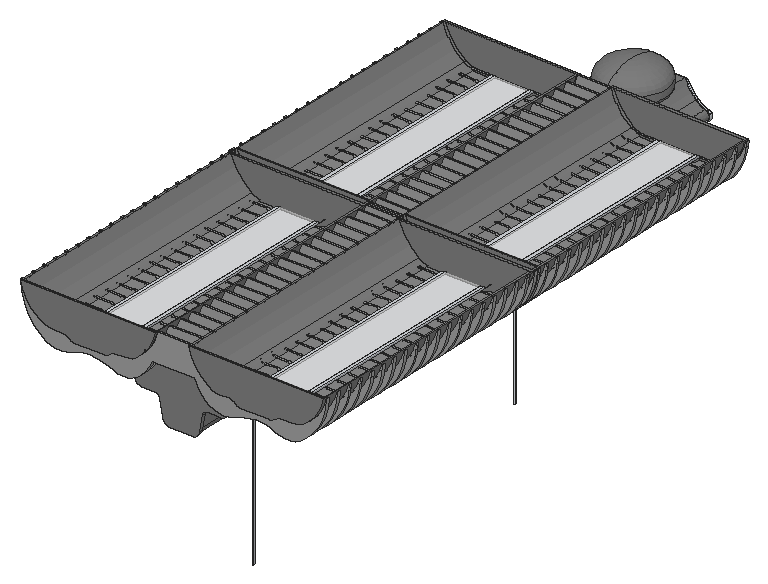
Revit family "0039274 Feilo Sylvania Lighting Fixtures SYLBAY LED 4000K 26KLM WIDE 1-10V PIR", category Lighting Fixtures, host Face, Revit 2017 (continued)
Definition of nested family "SylbayBody"
  Definition of nested family "SlybayRib"
    Forms (mm)
      Extrusion 2, solid, material <- "BodyMaterial"
        sketch origin (0, 0, 0) x (1, 0, 0) y (0, 0, 1)
          loop
            arc (-125.169, -58.599) -> (-113.533, -54.576) -> (-101.25, -53.728) r 46.777
            arc (-101.25, -53.728) -> (-87.202, -55.765) -> (-73.664, -60.037) r 87.865
            arc (-73.664, -60.037) -> (-55.541, -61.903) -> (-39.258, -53.728) r 32.519
            arc (-39.258, -53.728) -> (-31.199, -44.469) -> (-25.254, -33.728) r 58.361
            line (-25.254, -33.728) -> (25.254, -33.728)
            arc (25.254, -33.728) -> (31.199, -44.469) -> (39.258, -53.728) r 58.361
            arc (39.258, -53.728) -> (55.541, -61.903) -> (73.664, -60.037) r 32.519
            arc (73.664, -60.037) -> (87.202, -55.765) -> (101.25, -53.728) r 87.865
            arc (101.25, -53.728) -> (113.533, -54.576) -> (125.169, -58.599) r 46.777
            arc (125.169, -58.599) -> (143.258, -61.567) -> (159.829, -53.728) r 30.791
            arc (159.829, -53.728) -> (180.003, -30.129) -> (187.5, 0) r 67.598
            line (187.5, 0) -> (185.5, 0)
            arc (185.5, 0) -> (176.046, -19.314) -> (160.088, -33.728) r 56.788
            arc (160.088, -33.728) -> (153.193, -36.71) -> (145.75, -37.728) r 27.697
            line (145.75, -37.728) -> (132.583, -37.728)
            arc (132.583, -37.728) -> (129.421, -38.242) -> (126.583, -39.728) r 10
            line (126.583, -39.728) -> (123.917, -41.728)
            arc (123.917, -41.728) -> (121.079, -43.215) -> (117.917, -43.728) r 10
            line (117.917, -43.728) -> (84.583, -43.728)
            arc (84.583, -43.728) -> (81.421, -43.215) -> (78.583, -41.728) r 10
            line (78.583, -41.728) -> (75.917, -39.728)
            arc (75.917, -39.728) -> (73.079, -38.242) -> (69.917, -37.728) r 10
            line (69.917, -37.728) -> (58.25, -37.728)
            arc (58.25, -37.728) -> (51.55, -36.705) -> (45.461, -33.728) r 22.443
            arc (45.461, -33.728) -> (30.027, -18.905) -> (20, 0) r 67.602
            line (20, 0) -> (-20, 0)
            arc (-20, 0) -> (-30.027, -18.905) -> (-45.461, -33.728) r 67.602
            arc (-45.461, -33.728) -> (-51.55, -36.705) -> (-58.25, -37.728) r 22.443
            line (-58.25, -37.728) -> (-69.917, -37.728)
            arc (-69.917, -37.728) -> (-73.079, -38.242) -> (-75.917, -39.728) r 10
            line (-75.917, -39.728) -> (-78.583, -41.728)
            arc (-78.583, -41.728) -> (-81.421, -43.215) -> (-84.583, -43.728) r 10
            line (-84.583, -43.728) -> (-117.917, -43.728)
            arc (-117.917, -43.728) -> (-121.079, -43.215) -> (-123.917, -41.728) r 10
            line (-123.917, -41.728) -> (-126.583, -39.728)
            arc (-126.583, -39.728) -> (-129.421, -38.242) -> (-132.583, -37.728) r 10
            line (-132.583, -37.728) -> (-145.75, -37.728)
            arc (-145.75, -37.728) -> (-153.193, -36.71) -> (-160.088, -33.728) r 27.697
            arc (-160.088, -33.728) -> (-176.046, -19.314) -> (-185.5, 0) r 56.788
            line (-185.5, 0) -> (-187.5, 0)
        from 1.25 <- "RibExtrusionStart_FEILO" to -1.25 <- "RibExtrusionEnd_FEILO"
    Dimensions and locks
      equal spacing: plane 5, plane 3 "Center (Left/Right)", plane 4
      locked: plane 5 to plane 4 at 375
      locked: plane 6 to plane 7 at 62.478
      locked: plane 6 to plane 8 at 53.728
      equal spacing: plane 10, plane 3 "Center (Left/Right)", plane 9
      plane 3 "Center (Left/Right)" to plane 9 = 102.75 mm
      locked: plane 6 to plane 11 at 33.728
      equal spacing: plane 13, plane 9, plane 12
      locked: plane 14 to plane 8 at 10
      equal spacing: plane 16, plane 9, plane 15
      locked: plane 9 to plane 15 at 20
      locked: plane 17 to plane 14 at 6
      equal spacing: plane 19, plane 9, plane 18
      locked: plane 15 to plane 18 at 8
      equal spacing: plane 21, plane 9, plane 20
      locked: plane 18 to plane 20 at 15
      locked: plane 13 to plane 22 at 5.3
      locked: plane 3 "Center (Left/Right)" to Extrusion 2 sketch curve at 83.982  (x2)
      locked: plane 3 "Center (Left/Right)" to Extrusion 2 sketch curve at 79.005  (x2)
      locked: plane 3 "Center (Left/Right)" to Extrusion 2 sketch curve at 119.907  (x2)
      locked: plane 3 "Center (Left/Right)" to Extrusion 2 sketch curve at 61.405  (x2)
      locked: plane 3 "Center (Left/Right)" to Extrusion 2 sketch curve at 138.973  (x2)
      locked: plane 3 "Center (Left/Right)" to Extrusion 2 sketch curve at 84.583  (x2)
      locked: plane 3 "Center (Left/Right)" to Extrusion 2 sketch curve at 117.917  (x2)
      locked: plane 3 "Center (Left/Right)" to Extrusion 2 sketch curve at 132.583  (x2)
      locked: plane 3 "Center (Left/Right)" to Extrusion 2 sketch curve at 69.917  (x2)
      locked: Extrusion 2 sketch curve to plane 6 at 21.825  (x2)
      locked: Extrusion 2 sketch curve to plane 6 at 0.822  (x2)
      locked: plane 6 to Extrusion 2 sketch curve at 10.994  (x2)
      locked: plane 6 to Extrusion 2 sketch curve at 15.285  (x2)
      locked: plane 6 to Extrusion 2 sketch curve at 31.076  (x2)
      locked: plane 6 to Extrusion 2 sketch curve at 33.728  (x4)
      locked: plane 6 to Extrusion 2 sketch curve at 29.917  (x2)
      locked: plane 6 to Extrusion 2 sketch curve at 47.728  (x4)
      locked: plane 6 to Extrusion 2 sketch curve at 100.413  (x2)
      locked: plane 6 to Extrusion 2 sketch curve at 141.419  (x2)
      locked: plane 3 "Center (Left/Right)" to Extrusion 2 sketch curve at 106.788  (x2)
      locked: plane 3 "Center (Left/Right)" to Extrusion 2 sketch curve at 104.198  (x2)
      locked: plane 3 "Center (Left/Right)" to Extrusion 2 sketch curve at 130.69  (x2)
      locked: Extrusion 2 sketch curve to plane 6 at 14.858  (x2)
      locked: plane 6 to Extrusion 2 sketch curve at 10.032  (x2)
      locked: plane 3 "Center (Left/Right)" to Extrusion 2 sketch curve at 145.75  (x2)
      aligned and locked: plane 2 to Extrusion 1
      aligned and locked: level to Extrusion 1
      aligned and locked: plane 6 to Extrusion 2 sketch curve
      aligned and locked: plane 4 to Extrusion 2 sketch curve
      aligned and locked: plane 17 to Extrusion 2 sketch curve
      aligned and locked: plane 14 to Extrusion 2 sketch curve
      aligned and locked: Extrusion 2 sketch curve to plane 17
      aligned and locked: plane 8 to Extrusion 2 sketch curve  (x3)
      aligned and locked: plane 2 to plane 6
      aligned and locked: plane 20 to Extrusion 2 sketch curve
      aligned and locked: plane 11 to Extrusion 2 sketch curve  (x2)
      aligned and locked: plane 12 to Extrusion 2 sketch curve
      aligned and locked: Extrusion 2 sketch curve to plane 6
      aligned and locked: Extrusion 2 sketch curve to level
      aligned and locked: Extrusion 2 sketch curve to plane 11
    Automatic sketch dimensions
      Extrusion 1 sketch curve to Extrusion 1 sketch curve = 2438.4 mm  (x2)
      Extrusion 2 sketch curve to plane 11 = 0 mm  (x6)
      Extrusion 2 sketch curve to plane 8 = 0 mm  (x7)
      Extrusion 2 sketch curve to plane 17 = 0 mm
      Extrusion 2 sketch curve to plane 5 = 0 mm
      Extrusion 2 sketch curve to plane 14 = 0 mm
      Extrusion 2 sketch curve to plane 17 = 2 mm  (x3)
      Extrusion 2 sketch curve to plane 15 = 1.167 mm
      plane 14 to Extrusion 2 sketch curve = 2 mm  (x3)
      Extrusion 2 sketch curve to plane 19 = 1.167 mm
Definition of nested family "SlybayRib"
  Parameters (values of type "SylbayRib")
    URL = "http://www.feilosylvania.com"
    Type Image = (empty or 0)
    Type Comments = "n/a"
    RibThickness_FEILO = 2.5 mm
    RibExtrusionStart_FEILO = RibThickness_FEILO / 2  # 1.25 mm
    RibExtrusionEnd_FEILO = -RibThickness_FEILO / 2  # -1.25 mm
    RibDistance_FEILO = 0 mm
    Model = ""
    Manufacturer = "Feilo Sylvania"
    Keynote = ""
    Description = "n/a"
    Default Elevation = 1219.2 mm
    Cost = 0
    BodyMaterial = none
    Assembly Code = ""
  Reference planes
    plane 1 "Center (Front/Back)": y = 0
    plane 2: z = 0
    plane 3 "Center (Left/Right)": x = 0
    plane 4: x = -187.5
    plane 5: x = 187.5
    plane 6: z = 0
    plane 7: z = -62.478
    plane 8: z = -53.728
    plane 9: x = -102.75
    plane 10: x = 102.75
    plane 11: z = -33.728
    plane 12: x = -185.5
    plane 13: x = -20
    plane 14: z = -43.728
    plane 15: x = -122.75
    plane 16: x = -82.75
    plane 17: z = -37.728
    plane 18: x = -130.75
    plane 19: x = -74.75
    plane 20: x = -145.75
    plane 21: x = -59.75
    plane 22: x = -25.3
  Forms (mm)
    Extrusion 1, solid
      sketch origin (4.2, 0, 0) x (1, 0, 0) y (0, 1, 0)
        loop
          line (-1219.2, 1219.2) -> (-1219.2, -1219.2) -> (1219.2, -1219.2) -> (1219.2, 1219.2) -> (-1219.2, 1219.2)
      from 0 to -304.8
    Extrusion 2, solid, material <- "BodyMaterial"
      sketch origin (0, 0, 0) x (1, 0, 0) y (0, 0, 1)
        loop
          arc (-187.5, 0) -> (-180.003, -30.129) -> (-159.829, -53.728) r 67.598
          arc (-159.829, -53.728) -> (-143.258, -61.567) -> (-125.169, -58.599) r 30.791
          arc (-125.169, -58.599) -> (-113.533, -54.576) -> (-101.25, -53.728) r 46.777
          arc (-101.25, -53.728) -> (-87.202, -55.765) -> (-73.664, -60.037) r 87.865
          arc (-73.664, -60.037) -> (-55.541, -61.903) -> (-39.258, -53.728) r 32.519
          arc (-39.258, -53.728) -> (-31.199, -44.469) -> (-25.254, -33.728) r 58.361
          line (-25.254, -33.728) -> (25.254, -33.728)
          arc (25.254, -33.728) -> (31.199, -44.469) -> (39.258, -53.728) r 58.361
          arc (39.258, -53.728) -> (55.541, -61.903) -> (73.664, -60.037) r 32.519
          arc (73.664, -60.037) -> (87.202, -55.765) -> (101.25, -53.728) r 87.865
          arc (101.25, -53.728) -> (113.533, -54.576) -> (125.169, -58.599) r 46.777
          arc (125.169, -58.599) -> (143.258, -61.567) -> (159.829, -53.728) r 30.791
          arc (159.829, -53.728) -> (180.003, -30.129) -> (187.5, 0) r 67.598
          line (187.5, 0) -> (185.5, 0)
          arc (185.5, 0) -> (176.046, -19.314) -> (160.088, -33.728) r 56.788
          arc (160.088, -33.728) -> (153.193, -36.71) -> (145.75, -37.728) r 27.697
          line (145.75, -37.728) -> (132.583, -37.728)
          arc (132.583, -37.728) -> (129.421, -38.242) -> (126.583, -39.728) r 10
          line (126.583, -39.728) -> (123.917, -41.728)
          arc (123.917, -41.728) -> (121.079, -43.215) -> (117.917, -43.728) r 10
          line (117.917, -43.728) -> (84.583, -43.728)
          arc (84.583, -43.728) -> (81.421, -43.215) -> (78.583, -41.728) r 10
          line (78.583, -41.728) -> (75.917, -39.728)
          arc (75.917, -39.728) -> (73.079, -38.242) -> (69.917, -37.728) r 10
          line (69.917, -37.728) -> (58.25, -37.728)
          arc (58.25, -37.728) -> (51.55, -36.705) -> (45.461, -33.728) r 22.443
          arc (45.461, -33.728) -> (30.027, -18.905) -> (20, 0) r 67.602
          line (20, 0) -> (-20, 0)
          arc (-20, 0) -> (-30.027, -18.905) -> (-45.461, -33.728) r 67.602
          arc (-45.461, -33.728) -> (-51.55, -36.705) -> (-58.25, -37.728) r 22.443
          line (-58.25, -37.728) -> (-69.917, -37.728)
          arc (-69.917, -37.728) -> (-73.079, -38.242) -> (-75.917, -39.728) r 10
          line (-75.917, -39.728) -> (-78.583, -41.728)
          arc (-78.583, -41.728) -> (-81.421, -43.215) -> (-84.583, -43.728) r 10
          line (-84.583, -43.728) -> (-117.917, -43.728)
          arc (-117.917, -43.728) -> (-121.079, -43.215) -> (-123.917, -41.728) r 10
          line (-123.917, -41.728) -> (-126.583, -39.728)
          arc (-126.583, -39.728) -> (-129.421, -38.242) -> (-132.583, -37.728) r 10
          line (-132.583, -37.728) -> (-145.75, -37.728)
          arc (-145.75, -37.728) -> (-153.193, -36.71) -> (-160.088, -33.728) r 27.697
          arc (-160.088, -33.728) -> (-176.046, -19.314) -> (-185.5, 0) r 56.788
          line (-185.5, 0) -> (-187.5, 0)
      from 1.25 <- "RibExtrusionStart_FEILO" to -1.25 <- "RibExtrusionEnd_FEILO"
  Dimensions and locks
    equal spacing: plane 5, plane 3 "Center (Left/Right)", plane 4
    locked: plane 5 to plane 4 at 375
    locked: plane 6 to plane 7 at 62.478
    locked: plane 6 to plane 8 at 53.728
    equal spacing: plane 10, plane 3 "Center (Left/Right)", plane 9
    plane 3 "Center (Left/Right)" to plane 9 = 102.75 mm
    locked: plane 6 to plane 11 at 33.728
    equal spacing: plane 13, plane 9, plane 12
    locked: plane 14 to plane 8 at 10
    equal spacing: plane 16, plane 9, plane 15
    locked: plane 9 to plane 15 at 20
    locked: plane 17 to plane 14 at 6
    equal spacing: plane 19, plane 9, plane 18
    locked: plane 15 to plane 18 at 8
    equal spacing: plane 21, plane 9, plane 20
    locked: plane 18 to plane 20 at 15
    locked: plane 13 to plane 22 at 5.3
    locked: plane 3 "Center (Left/Right)" to Extrusion 2 sketch curve at 83.982  (x2)
    locked: plane 3 "Center (Left/Right)" to Extrusion 2 sketch curve at 79.005  (x2)
    locked: plane 3 "Center (Left/Right)" to Extrusion 2 sketch curve at 119.907  (x2)
    locked: plane 3 "Center (Left/Right)" to Extrusion 2 sketch curve at 61.405  (x2)
    locked: plane 3 "Center (Left/Right)" to Extrusion 2 sketch curve at 138.973  (x2)
    locked: plane 3 "Center (Left/Right)" to Extrusion 2 sketch curve at 84.583  (x2)
    locked: plane 3 "Center (Left/Right)" to Extrusion 2 sketch curve at 117.917  (x2)
    locked: plane 3 "Center (Left/Right)" to Extrusion 2 sketch curve at 132.583  (x2)
    locked: plane 3 "Center (Left/Right)" to Extrusion 2 sketch curve at 69.917  (x2)
    locked: Extrusion 2 sketch curve to plane 6 at 21.825  (x2)
    locked: Extrusion 2 sketch curve to plane 6 at 0.822  (x2)
    locked: plane 6 to Extrusion 2 sketch curve at 10.994  (x2)
    locked: plane 6 to Extrusion 2 sketch curve at 15.285  (x2)
    locked: plane 6 to Extrusion 2 sketch curve at 31.076  (x2)
    locked: plane 6 to Extrusion 2 sketch curve at 33.728  (x4)
    locked: plane 6 to Extrusion 2 sketch curve at 29.917  (x2)
    locked: plane 6 to Extrusion 2 sketch curve at 47.728  (x4)
    locked: plane 6 to Extrusion 2 sketch curve at 100.413  (x2)
    locked: plane 6 to Extrusion 2 sketch curve at 141.419  (x2)
    locked: plane 3 "Center (Left/Right)" to Extrusion 2 sketch curve at 106.788  (x2)
    locked: plane 3 "Center (Left/Right)" to Extrusion 2 sketch curve at 104.198  (x2)
    locked: plane 3 "Center (Left/Right)" to Extrusion 2 sketch curve at 130.69  (x2)
    locked: Extrusion 2 sketch curve to plane 6 at 14.858  (x2)
    locked: plane 6 to Extrusion 2 sketch curve at 10.032  (x2)
    locked: plane 3 "Center (Left/Right)" to Extrusion 2 sketch curve at 145.75  (x2)
    aligned and locked: plane 2 to Extrusion 1
    aligned and locked: level to Extrusion 1
    aligned and locked: plane 6 to Extrusion 2 sketch curve
    aligned and locked: plane 4 to Extrusion 2 sketch curve
    aligned and locked: plane 17 to Extrusion 2 sketch curve
    aligned and locked: plane 14 to Extrusion 2 sketch curve
    aligned and locked: Extrusion 2 sketch curve to plane 17
    aligned and locked: plane 8 to Extrusion 2 sketch curve  (x3)
    aligned and locked: plane 2 to plane 6
    aligned and locked: plane 20 to Extrusion 2 sketch curve
    aligned and locked: plane 11 to Extrusion 2 sketch curve  (x2)
    aligned and locked: plane 12 to Extrusion 2 sketch curve
    aligned and locked: Extrusion 2 sketch curve to plane 6
    aligned and locked: Extrusion 2 sketch curve to level
    aligned and locked: Extrusion 2 sketch curve to plane 11
  Automatic sketch dimensions
    Extrusion 1 sketch curve to Extrusion 1 sketch curve = 2438.4 mm  (x2)
    Extrusion 2 sketch curve to plane 11 = 0 mm  (x6)
    Extrusion 2 sketch curve to plane 8 = 0 mm  (x7)
    Extrusion 2 sketch curve to plane 17 = 0 mm
    Extrusion 2 sketch curve to plane 5 = 0 mm
    Extrusion 2 sketch curve to plane 14 = 0 mm
    Extrusion 2 sketch curve to plane 17 = 2 mm  (x3)
    Extrusion 2 sketch curve to plane 15 = 1.167 mm
    plane 14 to Extrusion 2 sketch curve = 2 mm  (x3)
    Extrusion 2 sketch curve to plane 19 = 1.167 mm
